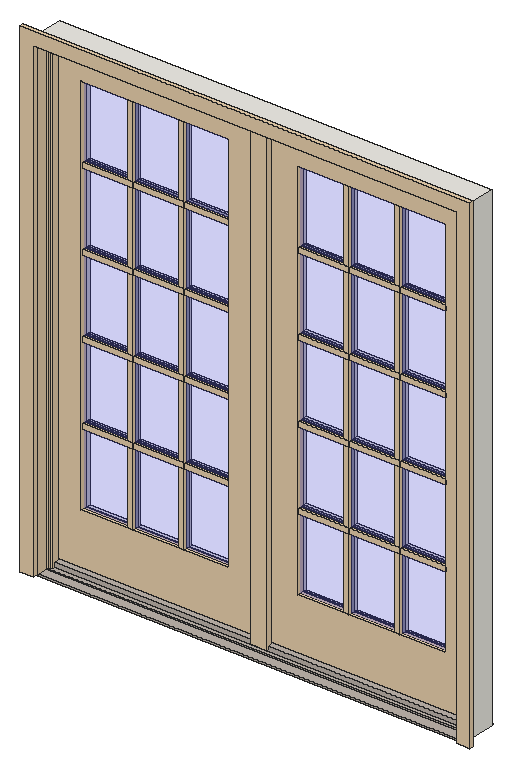
Revit family "Door-Outswing-Andersen-400_Series-Double 3", category Doors, host Wall, Revit 2013 (continued)
Dimensions and locks (in)
  locked: plane 66 "Back of Glazing" to plane 59 "Panel2 S1" at 0.47475
  locked: plane 60 "Panel2 S2" to plane 67 "Front of Glazing" at 0.5
  locked: plane 47 "T Glazing" to curve 94 at 0.63533
  locked: curve 95 to plane 66 "Back of Glazing" at 0.15625
  locked: plane 67 "Front of Glazing" to curve 93 at 0.15625
  locked: plane 48 "L Glazing" to curve 119 at 0.63672
  locked: curve 120 to plane 65 "Right of Glazing" at 0.63672
  plane 67 "Front of Glazing" to curve 93 = 0' - 0 5/32"
  curve 122 to plane 67 "Front of Glazing" = 0' - 0 5/32"
  locked: curve 121 to plane 66 "Back of Glazing" at 0.15625
  locked: plane 61 "L Panel Width" to plane 62 "R Panel Jamb" at 1.07397
  locked: curve 139 to plane 66 "Back of Glazing" at 0.15625
  locked: plane 67 "Front of Glazing" to curve 140 at 0.15625
  locked: curve 141 to plane 70 "Left Glazing of Left Panel" at 0.63672
  locked: plane 69 "Right Glazing of Left Panel" to curve 142 at 0.63672
  locked: plane 69 "Right Glazing of Left Panel" to plane 71 "Right of Left Glass Offset" at 1.99927
  locked: plane 72 "Left of Left Glass Offset" to plane 70 "Left Glazing of Left Panel" at 1.99927
  locked: plane 73 "Left of Right Glass Offset" to plane 65 "Right of Glazing" at 2
  locked: plane 48 "L Glazing" to plane 74 "Right of Right Glass Offset" at 2
  plane 47 "T Glazing" to plane 44 "T Panel" = 0' - 4 5/8"
  locked: plane 48 "L Glazing" to plane 43 "L Panel" at 4.46875
  locked: plane 69 "Right Glazing of Left Panel" to plane 68 "Right of Left Panel" at 4.46875
  locked: plane 75 "Left of Left Panel" to plane 70 "Left Glazing of Left Panel" at 4.46875
  "TS HGB DLO": nested 3 to plane 47 "T Glazing"
  equal spacing: group 16, group 30, group 31, group 17  (x2)
  equal spacing: group 17, group 31, group 30, group 16
  "TS HGB DLO": plane 64 "Vertical Bar Length" to nested 4
  group 19 to group 18 = 0' - 8.51042"
  group 18 to group 19 = 0' - 0"
  group 19 to group 18 = 0' - 0"
  "TS HGB DLO": nested 8 to plane 47 "T Glazing"
  equal spacing: group 20, group 32, group 33, group 21  (x2)
  equal spacing: group 21, group 33, group 32, group 20
  "TS HGB DLO": plane 64 "Vertical Bar Length" to nested 9
  equal spacing: plane 75 "Left of Left Panel", plane 77 "Center of Left Panel", plane 68 "Right of Left Panel"
  group 23 to group 22 = 0' - 8.51042"
  group 22 to group 23 = 0' - 0"
  group 23 to group 22 = 0' - 0"
  "JGO": plane 3 "R Frame" to plane 70 "Left Glazing of Left Panel"
  locked: plane 56 "L Stop" to plane 4 "L Frame" at 1.71667
  equal spacing: plane 61 "L Panel Width", plane 76 "Center of Right Panel", plane 43 "L Panel"
  "TS SH DLO": nested 7 to plane 5 "T Frame"
  "TS SH DLO": nested 2 to plane 5 "T Frame"
  equal spacing: plane 64 "Vertical Bar Length", nested 13, plane 47 "T Glazing"
  equal spacing: plane 64 "Vertical Bar Length", nested 14, plane 47 "T Glazing"
  "Panel Width": curve 210 to plane 59 "Panel2 S1"
  locked: Sweep 7 sketch curve to plane 52 "Stop Exterior" at 1.21143
  locked: plane 56 "L Stop" to Sweep 7 sketch curve at 0.30067
  locked: Sweep 7 sketch curve to plane 53 "Stop Interior" at 0.51427
  locked: plane 56 "L Stop" to Sweep 7 sketch curve at 0.70067
  locked: Sweep 7 sketch curve to plane 4 "L Frame" at 0.56135
  locked: plane 60 "Panel2 S2" to Sweep 17 sketch curve at 0.96826
  Sweep 17 sketch curve to plane 2 "Center (Left/Right)" to Sweep 17 sketch curve = 0' - 1.31882" locked, 0' - 1.31882" locked
  equal spacing: Sweep 17 sketch curve, plane 2 "Center (Left/Right)", Sweep 17 sketch curve
  Sweep 17 sketch curve to plane 2 "Center (Left/Right)" = 0' - 0 173/256"
  locked: plane 2 "Center (Left/Right)" to Sweep 17 sketch curve at 0.66406
  Sweep 17 to plane 60 "Panel2 S2" = 0' - 0.96826"
  locked: plane 60 "Panel2 S2" to Sweep 18 sketch curve at 0.96826
  "Panel Width": plane 75 "Left of Left Panel" to plane 68 "Right of Left Panel"
  "Panel Width": plane 61 "L Panel Width" to plane 43 "L Panel"
  "Panel Width": curve 211 to plane 59 "Panel2 S1"
  locked: plane 46 "B Glazing" to curve 92 at 0.63533
  locked: curve 278 to plane 43 "L Panel" at 0.02036
  locked: plane 75 "Left of Left Panel" to curve 277 at 0.02036
  locked: Sweep 21 sketch curve to level at 0.65625
  locked: Sweep 21 sketch curve to plane 5 "T Frame" at 0.71875
  locked: plane 3 "R Frame" to Sweep 21 sketch curve at 0.84375
  locked: plane 3 "R Frame" to Sweep 14 sketch curve at 0.84375
  locked: level to Sweep 22 sketch curve at 0.65625
  locked: Sweep 22 sketch curve to plane 5 "T Frame" at 0.71875
  locked: Sweep 16 sketch curve to plane 4 "L Frame" at 0.84375
  locked: Sweep 22 sketch curve to plane 4 "L Frame" at 0.84375
  locked: Sweep 7 sketch curve to plane 4 "L Frame" at 1.28125
  locked: plane 57 "T Stop" to plane 5 "T Frame" at 1.71875
  equal spacing: plane 21 "R Masonry Opening", plane 2 "Center (Left/Right)", plane 22 "L Masonry Opening"
  "Masonry Width": plane 21 "R Masonry Opening" to plane 22 "L Masonry Opening"
  "Masonry Height": level to plane 33 "T Masonry Opening"
  "VGB DLO": nested 12 to plane 70 "Left Glazing of Left Panel"
  "VGB DLO": nested 11 to plane 69 "Right Glazing of Left Panel"
  "VGB DLO": nested 6 to plane 65 "Right of Glazing"
  "VGB DLO": nested 5 to plane 48 "L Glazing"
  "Panel Width": radius of curve 277
  "Panel Width": radius of curve 278
  aligned and locked: plane 6 "Wall S1" to host wall
  aligned and locked: plane 7 "Wall S2" to host wall
  aligned and locked: plane 5 "T Frame" to Extrusion 1 sketch curve
  aligned and locked: plane 4 "L Frame" to Extrusion 1 sketch curve
  aligned and locked: Extrusion 1 sketch curve to plane 3 "R Frame"
  aligned and locked: level to Extrusion 1 sketch curve
  aligned and locked: host wall to Extrusion 1
  aligned and locked: plane 10 "Flange" to Extrusion 1
  aligned and locked: level to Extrusion 2 sketch curve
  aligned and locked: level to Sweep 3 sketch curve  (x2)
  aligned and locked: plane 23 "L Casing 4" to Sweep 3 sketch curve  (x2)
  aligned and locked: plane 32 "T Casing 4" to Sweep 3 sketch curve
  aligned and locked: Sweep 3 sketch curve to plane 20 "R Casing 4"
  aligned and locked: plane 24 "L Casing 3" to Sweep 3 sketch curve
  aligned and locked: plane 12 "Casing S2" to Sweep 3 sketch curve
  aligned and locked: plane 25 "L Casing 2" to Sweep 3 sketch curve
  aligned and locked: Sweep 3 sketch curve to plane 13 "Casing S1"
  aligned and locked: plane 10 "Flange" to Sweep 3 sketch curve
  aligned and locked: Sweep 3 sketch curve to plane 26 "L Casing 1"
  aligned and locked: Sweep 3 sketch curve to plane 12 "Casing S2"
  aligned and locked: level to Extrusion 4 sketch curve  (x2)
  aligned and locked: plane 23 "L Casing 4" to Extrusion 4 sketch curve
  aligned and locked: Extrusion 4 sketch curve to plane 26 "L Casing 1"
  aligned and locked: plane 32 "T Casing 4" to Extrusion 4 sketch curve
  aligned and locked: Extrusion 4 sketch curve to plane 29 "T Casing 1"
  aligned and locked: Extrusion 4 sketch curve to plane 20 "R Casing 4"
  aligned and locked: plane 17 "R Casing 1" to Extrusion 4 sketch curve
  aligned and locked: Extrusion 4 to plane 10 "Flange"
  aligned and locked: plane 12 "Casing S2" to Sweep 3
  aligned and locked: plane 29 "T Casing 1" to curve 3
  aligned and locked: Masking region 1 sketch curve to plane 3 "R Frame"
  aligned and locked: plane 4 "L Frame" to Masking region 1 sketch curve
  aligned and locked: plane 5 "T Frame" to Masking region 2 sketch curve
  aligned and locked: plane 9 "Frame S2" to Masking region 2 sketch curve
  aligned and locked: Masking region 2 sketch curve to plane 11 "Frame S1"
  aligned and locked: level to Masking region 2 sketch curve
  aligned and locked: Masking region 3 sketch curve to plane 13 "Casing S1"
  aligned and locked: Masking region 3 sketch curve to plane 20 "R Casing 4"
  aligned and locked: plane 10 "Flange" to Masking region 3 sketch curve
  aligned and locked: plane 3 "R Frame" to Masking region 3 sketch curve
  aligned and locked: Masking region 4 sketch curve to plane 13 "Casing S1"
  aligned and locked: Masking region 4 sketch curve to plane 4 "L Frame"
  aligned and locked: plane 10 "Flange" to Masking region 4 sketch curve
  aligned and locked: plane 23 "L Casing 4" to Masking region 4 sketch curve
  aligned and locked: level to Extrusion 5 sketch curve  (x2)
  aligned and locked: Extrusion 5 sketch curve to plane 34 "R Int Casing"
  aligned and locked: plane 36 "R Xjamb 1" to Extrusion 5 sketch curve
  aligned and locked: plane 40 "T Int Casing" to Extrusion 5 sketch curve
  aligned and locked: Extrusion 5 sketch curve to plane 42 "T Xjamb 1"
  aligned and locked: plane 37 "L Int Casing" to Extrusion 5 sketch curve
  aligned and locked: Extrusion 5 sketch curve to plane 39 "L Xjamb 1"
  aligned and locked: Extrusion 5 to host wall
  aligned and locked: Extrusion 5 to plane 8 "Interior Casing"
  aligned and locked: level to Extrusion 6 sketch curve  (x2)
  aligned and locked: plane 36 "R Xjamb 1" to Extrusion 6 sketch curve
  aligned and locked: Extrusion 6 sketch curve to plane 35 "R Xjamb 2"
  aligned and locked: Extrusion 6 sketch curve to plane 42 "T Xjamb 1"
  aligned and locked: plane 41 "T Xjamb 2" to Extrusion 6 sketch curve
  aligned and locked: Extrusion 6 sketch curve to plane 39 "L Xjamb 1"
  aligned and locked: plane 38 "L Xjamb 2" to Extrusion 6 sketch curve
  aligned and locked: plane 50 "Xjamb S1" to Extrusion 6
  aligned and locked: host wall to Extrusion 6
  aligned and locked: level to Sweep 7 sketch curve
  aligned and locked: plane 4 "L Frame" to Sweep 7 sketch curve
  aligned and locked: plane 5 "T Frame" to Sweep 7 sketch curve
  aligned and locked: plane 5 "T Frame" to Sweep 8 sketch curve
  aligned and locked: plane 4 "L Frame" to Sweep 8 sketch curve  (x2)
  aligned and locked: Sweep 8 sketch curve to plane 3 "R Frame"
  aligned and locked: plane 9 "Frame S2" to Sweep 8 sketch curve
  aligned and locked: plane 4 "L Frame" to Sweep 9 sketch curve
  aligned and locked: plane 3 "R Frame" to Sweep 9 sketch curve
  aligned and locked: Sweep 9 sketch curve to level
  aligned and locked: plane 45 "B Panel" to Sweep 10 sketch curve  (x2)
  aligned and locked: plane 54 "Sill Interior" to Sweep 10 sketch curve
  aligned and locked: Sweep 10 sketch curve to plane 55 "Sill Exterior"
  aligned and locked: level to Sweep 10 sketch curve
  aligned and locked: Masking region 1 sketch curve to plane 55 "Sill Exterior"
  aligned and locked: plane 54 "Sill Interior" to Masking region 1 sketch curve
  aligned and locked: plane 9 "Frame S2" to curve 9
  aligned and locked: Masking region 5 sketch curve to plane 20 "R Casing 4"
  aligned and locked: plane 23 "L Casing 4" to Masking region 5 sketch curve
  aligned and locked: level to Masking region 5 sketch curve  (x2)
  aligned and locked: level to Masking region 6 sketch curve  (x2)
  aligned and locked: plane 37 "L Int Casing" to Masking region 6 sketch curve
  aligned and locked: Masking region 6 sketch curve to plane 34 "R Int Casing"
  aligned and locked: plane 40 "T Int Casing" to Masking region 6 sketch curve
  aligned and locked: plane 32 "T Casing 4" to Masking region 5 sketch curve
  aligned and locked: level to Masking region 7 sketch curve
  aligned and locked: Masking region 7 sketch curve to plane 3 "R Frame"
  aligned and locked: plane 5 "T Frame" to Masking region 7 sketch curve
  aligned and locked: plane 4 "L Frame" to Masking region 7 sketch curve
  aligned and locked: plane 4 "L Frame" to curve 13
  aligned and locked: Sweep 3 to plane 10 "Flange"
  aligned and locked: plane 5 "T Frame" to curve 15
  aligned and locked: Masking region 7 to curve 12
  aligned and locked: Masking region 6 sketch curve to plane 39 "L Xjamb 1"
  aligned and locked: plane 36 "R Xjamb 1" to Masking region 6 sketch curve
  aligned and locked: Masking region 6 sketch curve to plane 42 "T Xjamb 1"
  aligned and locked: plane 4 "L Frame" to Masking region 8 sketch curve
  aligned and locked: plane 5 "T Frame" to Masking region 8 sketch curve
  aligned and locked: Masking region 8 sketch curve to plane 3 "R Frame"
  aligned and locked: level to Masking region 8 sketch curve
  aligned and locked: Masking region 8 sketch curve to plane 45 "B Panel"
  aligned and locked: Sweep 8 sketch curve to plane 55 "Sill Exterior"
  aligned and locked: Sweep 8 sketch curve to plane 43 "L Panel"
  aligned and locked: plane 61 "L Panel Width" to Masking region 9 sketch curve
  aligned and locked: curve 28 to plane 46 "B Glazing"
  aligned and locked: plane 47 "T Glazing" to curve 26
  aligned and locked: plane 55 "Sill Exterior" to curve 4
  aligned and locked: curve 31 to plane 59 "Panel2 S1"
  aligned and locked: Masking region 9 sketch curve to plane 45 "B Panel"
  aligned and locked: plane 43 "L Panel" to Masking region 9 sketch curve
  aligned and locked: plane 44 "T Panel" to Masking region 9 sketch curve
  aligned and locked: plane 60 "Panel2 S2" to curve 35
  aligned and locked: curve 34 to plane 45 "B Panel"
  aligned and locked: curve 33 to plane 59 "Panel2 S1"
  aligned and locked: plane 44 "T Panel" to curve 32
  aligned and locked: Masking region 10 sketch curve to plane 34 "R Int Casing"
  aligned and locked: host wall to Masking region 10 sketch curve
  aligned and locked: plane 36 "R Xjamb 1" to Masking region 10 sketch curve
  aligned and locked: plane 8 "Interior Casing" to Masking region 10 sketch curve
  aligned and locked: Masking region 11 sketch curve to plane 50 "Xjamb S1"
  aligned and locked: Masking region 11 sketch curve to host wall
  aligned and locked: Masking region 11 sketch curve to plane 35 "R Xjamb 2"
  aligned and locked: plane 36 "R Xjamb 1" to Masking region 11 sketch curve
  aligned and locked: host wall to Masking region 12 sketch curve
  aligned and locked: plane 37 "L Int Casing" to Masking region 12 sketch curve
  aligned and locked: plane 8 "Interior Casing" to Masking region 12 sketch curve
  aligned and locked: Masking region 12 sketch curve to plane 39 "L Xjamb 1"
  aligned and locked: Masking region 13 sketch curve to plane 39 "L Xjamb 1"
  aligned and locked: Masking region 13 sketch curve to host wall
  aligned and locked: plane 38 "L Xjamb 2" to Masking region 13 sketch curve
  aligned and locked: Masking region 13 sketch curve to plane 50 "Xjamb S1"
  aligned and locked: plane 7 "Wall S2" to Masking region 14 sketch curve
  aligned and locked: level to Masking region 14 sketch curve
  aligned and locked: plane 8 "Interior Casing" to Masking region 14 sketch curve
  aligned and locked: plane 40 "T Int Casing" to Masking region 14 sketch curve
  aligned and locked: plane 8 "Interior Casing" to curve 36
  aligned and locked: Masking region 15 sketch curve to plane 50 "Xjamb S1"
  aligned and locked: level to Masking region 15 sketch curve
  aligned and locked: Masking region 15 sketch curve to host wall
  aligned and locked: plane 41 "T Xjamb 2" to Masking region 15 sketch curve
  aligned and locked: plane 50 "Xjamb S1" to curve 37
  aligned and locked: host wall to curve 37
  aligned and locked: plane 43 "L Panel" to curve 4
  aligned and locked: plane 56 "L Stop" to Sweep 7
  aligned and locked: plane 60 "Panel2 S2" to Sweep 7
  aligned and locked: Sweep 7 to plane 4 "L Frame"
  aligned and locked: Sweep 7 to plane 9 "Frame S2"
  aligned and locked: curve 38 to plane 43 "L Panel"
  aligned and locked: Sweep 9 sketch curve to plane 54 "Sill Interior"
  aligned and locked: plane 55 "Sill Exterior" to Sweep 9 sketch curve
  aligned and locked: Sweep 9 sketch curve to plane 58 "Sill Height"
  aligned and locked: Sweep 7 to plane 5 "T Frame"
  aligned and locked: curve 13 to plane 10 "Flange"
  aligned and locked: plane 10 "Flange" to curve 14
  aligned and locked: Sweep 12 sketch curve to plane 67 "Front of Glazing"  (x2)
  aligned and locked: Sweep 12 sketch curve to plane 47 "T Glazing"
  aligned and locked: plane 66 "Back of Glazing" to Sweep 12 sketch curve
  aligned and locked: plane 47 "T Glazing" to curve 85
  aligned and locked: curve 83 to plane 60 "Panel2 S2"
  aligned and locked: Sweep 12 to plane 67 "Front of Glazing"
  aligned and locked: plane 66 "Back of Glazing" to Sweep 12
  aligned and locked: curve 94 to curve 93
  aligned and locked: curve 118 to plane 67 "Front of Glazing"
  aligned and locked: curve 123 to plane 60 "Panel2 S2"
  aligned and locked: plane 43 "L Panel" to curve 124
  aligned and locked: plane 59 "Panel2 S1" to curve 31
  aligned and locked: plane 43 "L Panel" to curve 125
  aligned and locked: Sweep 13 sketch curve to plane 60 "Panel2 S2"
  aligned and locked: plane 66 "Back of Glazing" to Sweep 13 sketch curve
  aligned and locked: Sweep 14 sketch curve to plane 66 "Back of Glazing"
  aligned and locked: plane 59 "Panel2 S1" to Sweep 14 sketch curve
  aligned and locked: curve 128 to plane 60 "Panel2 S2"
  aligned and locked: plane 70 "Left Glazing of Left Panel" to curve 135
  aligned and locked: plane 60 "Panel2 S2" to curve 136
  aligned and locked: Extrusion 15 sketch curve to plane 47 "T Glazing"
  aligned and locked: plane 46 "B Glazing" to Extrusion 15 sketch curve
  aligned and locked: Extrusion 15 sketch curve to plane 67 "Front of Glazing"
  aligned and locked: plane 66 "Back of Glazing" to Extrusion 15 sketch curve
  aligned and locked: nested 1 to plane 47 "T Glazing"
  aligned and locked: plane 76 "Center of Right Panel" to nested 1
  aligned and locked: nested 5 to plane 47 "T Glazing"
  aligned and locked: nested 6 to plane 47 "T Glazing"
  aligned and locked: nested 10 to plane 47 "T Glazing"
  aligned and locked: nested 10 to plane 77 "Center of Left Panel"
  aligned and locked: nested 11 to plane 47 "T Glazing"
  aligned and locked: Sweep 7 sketch curve to plane 3 "R Frame"
  aligned and locked: plane 48 "L Glazing" to curve 101
  aligned and locked: curve 102 to plane 60 "Panel2 S2"
  aligned and locked: Masking region 16 sketch curve to plane 32 "T Casing 4"
  aligned and locked: Masking region 16 sketch curve to plane 10 "Flange"
  aligned and locked: plane 5 "T Frame" to Masking region 16 sketch curve
  aligned and locked: Masking region 16 sketch curve to plane 51 "Frame S2 Ext"
  aligned and locked: plane 59 "Panel2 S1" to Sweep 16 sketch curve  (x2)
  aligned and locked: Sweep 16 sketch curve to plane 66 "Back of Glazing"  (x2)
  aligned and locked: plane 69 "Right Glazing of Left Panel" to curve 170
  aligned and locked: curve 171 to plane 60 "Panel2 S2"
  aligned and locked: plane 52 "Stop Exterior" to curve 176
  aligned and locked: curve 200 to plane 52 "Stop Exterior"
  aligned and locked: curve 207 to plane 3 "R Frame"
  aligned and locked: curve 183 to plane 4 "L Frame"
  aligned and locked: curve 30 to plane 75 "Left of Left Panel"
  aligned and locked: plane 61 "L Panel Width" to curve 125
  aligned and locked: plane 44 "T Panel" to curve 125
  aligned and locked: plane 61 "L Panel Width" to curve 126
  aligned and locked: plane 45 "B Panel" to curve 126
  aligned and locked: plane 68 "Right of Left Panel" to curve 209
  aligned and locked: plane 68 "Right of Left Panel" to curve 208
  aligned and locked: plane 44 "T Panel" to curve 208
  aligned and locked: nested 12 to plane 47 "T Glazing"
  aligned and locked: plane 46 "B Glazing" to Sweep 12 sketch curve
  aligned and locked: curve 237 to Sweep 7
  aligned and locked: curve 236 to Sweep 7
  aligned and locked: plane 53 "Stop Interior" to Sweep 7 sketch curve
  aligned and locked: Sweep 7 sketch curve to plane 52 "Stop Exterior"
  aligned and locked: plane 51 "Frame S2 Ext" to Sweep 7 sketch curve
  aligned and locked: curve 238 to Sweep 7
  aligned and locked: curve 239 to plane 66 "Back of Glazing"
  aligned and locked: curve 240 to Sweep 7
  aligned and locked: plane 59 "Panel2 S1" to curve 241
  aligned and locked: curve 245 to Sweep 7
  aligned and locked: curve 243 to Sweep 7
  aligned and locked: curve 242 to plane 60 "Panel2 S2"
  aligned and locked: curve 247 to plane 60 "Panel2 S2"
  aligned and locked: curve 250 to Sweep 7
  aligned and locked: curve 252 to plane 66 "Back of Glazing"
  aligned and locked: curve 48 to plane 54 "Sill Interior"
  aligned and locked: curve 223 to plane 54 "Sill Interior"
  aligned and locked: curve 256 to plane 47 "T Glazing"
  aligned and locked: Masking region 8 sketch curve to plane 61 "L Panel Width"
  aligned and locked: plane 45 "B Panel" to Masking region 8 sketch curve
  aligned and locked: plane 63 "Panel Elevation Center" to curve 263
  aligned and locked: plane 75 "Left of Left Panel" to curve 263
  aligned and locked: plane 75 "Left of Left Panel" to curve 209
  aligned and locked: plane 68 "Right of Left Panel" to curve 263
  aligned and locked: plane 61 "L Panel Width" to Masking region 9
  aligned and locked: plane 44 "T Panel" to Masking region 9
  aligned and locked: plane 63 "Panel Elevation Center" to curve 126
  aligned and locked: plane 61 "L Panel Width" to Masking region 8
  aligned and locked: plane 45 "B Panel" to Masking region 8
  aligned and locked: plane 2 "Center (Left/Right)" to Sweep 17 sketch curve
  aligned and locked: Sweep 17 sketch curve to plane 59 "Panel2 S1"
  aligned and locked: plane 59 "Panel2 S1" to Sweep 17 sketch curve
  aligned and locked: plane 51 "Frame S2 Ext" to Sweep 17 sketch curve
  aligned and locked: Sweep 17 sketch curve to plane 60 "Panel2 S2"
  aligned and locked: plane 60 "Panel2 S2" to Sweep 17 sketch curve
  aligned and locked: plane 5 "T Frame" to Sweep 18 sketch curve
  aligned and locked: plane 2 "Center (Left/Right)" to Sweep 18 sketch curve
  aligned and locked: Sweep 18 sketch curve to plane 68 "Right of Left Panel"
  aligned and locked: Sweep 18 sketch curve to plane 61 "L Panel Width"
  aligned and locked: Sweep 18 sketch curve to plane 11 "Frame S1"
  aligned and locked: curve 145 to plane 59 "Panel2 S1"
  aligned and locked: curve 270 to plane 68 "Right of Left Panel"
  aligned and locked: plane 12 "Casing S2" to Masking region 17 sketch curve  (x2)
  aligned and locked: plane 13 "Casing S1" to Masking region 17 sketch curve
  aligned and locked: plane 19 "R Casing 3" to Masking region 17 sketch curve
  aligned and locked: plane 18 "R Casing 2" to Masking region 17 sketch curve
  aligned and locked: plane 17 "R Casing 1" to Masking region 17 sketch curve
  aligned and locked: Masking region 17 sketch curve to plane 17 "R Casing 1"
  aligned and locked: plane 3 "R Frame" to Masking region 17 sketch curve  (x2)
  aligned and locked: Masking region 17 sketch curve to plane 11 "Frame S1"
  aligned and locked: plane 11 "Frame S1" to Masking region 17 sketch curve  (x2)
  aligned and locked: Masking region 17 sketch curve to plane 10 "Flange"
  aligned and locked: plane 10 "Flange" to Masking region 17 sketch curve  (x2)
  aligned and locked: plane 20 "R Casing 4" to Masking region 17 sketch curve  (x2)
  aligned and locked: plane 68 "Right of Left Panel" to curve 241
  aligned and locked: plane 68 "Right of Left Panel" to curve 247
  aligned and locked: plane 68 "Right of Left Panel" to curve 128
  aligned and locked: plane 65 "Right of Glazing" to curve 115
  aligned and locked: curve 114 to plane 67 "Front of Glazing"
  aligned and locked: curve 137 to plane 66 "Back of Glazing"
  aligned and locked: plane 9 "Frame S2" to Sweep 7 sketch curve
  aligned and locked: curve 210 to curve 277
  aligned and locked: plane 68 "Right of Left Panel" to curve 277
  aligned and locked: curve 211 to curve 278
  aligned and locked: plane 51 "Frame S2 Ext" to curve 278
  aligned and locked: plane 61 "L Panel Width" to curve 278
  aligned and locked: plane 75 "Left of Left Panel" to Sweep 19 sketch curve
  aligned and locked: plane 68 "Right of Left Panel" to Sweep 19 sketch curve
  aligned and locked: plane 46 "B Glazing" to Sweep 19 sketch curve
  aligned and locked: Sweep 19 sketch curve to plane 44 "T Panel"
  aligned and locked: plane 66 "Back of Glazing" to Sweep 19 sketch curve  (x2)
  aligned and locked: Sweep 19 sketch curve to plane 60 "Panel2 S2"  (x2)
  aligned and locked: plane 47 "T Glazing" to Sweep 19 sketch curve
  aligned and locked: Sweep 19 sketch curve to plane 46 "B Glazing"
  aligned and locked: plane 45 "B Panel" to Sweep 19 sketch curve
  aligned and locked: plane 61 "L Panel Width" to Sweep 20 sketch curve
  aligned and locked: plane 43 "L Panel" to Sweep 20 sketch curve
  aligned and locked: Sweep 20 sketch curve to plane 46 "B Glazing"
  aligned and locked: Sweep 20 sketch curve to plane 47 "T Glazing"
  aligned and locked: plane 60 "Panel2 S2" to Sweep 20 sketch curve  (x2)
  aligned and locked: plane 44 "T Panel" to Sweep 20 sketch curve
  aligned and locked: Sweep 20 sketch curve to plane 66 "Back of Glazing"  (x2)
  aligned and locked: Sweep 20 sketch curve to plane 45 "B Panel"
  aligned and locked: plane 46 "B Glazing" to Sweep 20 sketch curve
  aligned and locked: plane 68 "Right of Left Panel" to Sweep 21 sketch curve
  aligned and locked: plane 46 "B Glazing" to Sweep 21 sketch curve
  aligned and locked: Sweep 21 sketch curve to plane 46 "B Glazing"
  aligned and locked: Sweep 21 sketch curve to plane 59 "Panel2 S1"
  aligned and locked: plane 61 "L Panel Width" to Sweep 22 sketch curve
  aligned and locked: Sweep 22 sketch curve to plane 46 "B Glazing"  (x2)
  aligned and locked: plane 59 "Panel2 S1" to Sweep 22 sketch curve
  aligned and locked: plane 46 "B Glazing" to curve 258
  aligned and locked: Masking region 18 sketch curve to plane 45 "B Panel"
  aligned and locked: plane 75 "Left of Left Panel" to Masking region 18 sketch curve
  aligned and locked: plane 68 "Right of Left Panel" to Masking region 18 sketch curve
  aligned and locked: plane 44 "T Panel" to Masking region 18 sketch curve
  aligned and locked: plane 61 "L Panel Width" to Masking region 7 sketch curve
  aligned and locked: plane 44 "T Panel" to Masking region 7 sketch curve
  aligned and locked: Masking region 7 sketch curve to plane 44 "T Panel"
  aligned and locked: Masking region 7 sketch curve to plane 68 "Right of Left Panel"
  aligned and locked: Masking region 7 sketch curve to plane 75 "Left of Left Panel"
  aligned and locked: plane 45 "B Panel" to Masking region 7 sketch curve
  aligned and locked: Masking region 7 sketch curve to plane 45 "B Panel"
  aligned and locked: plane 43 "L Panel" to Masking region 7 sketch curve
  aligned and locked: plane 45 "B Panel" to curve 12
  aligned and locked: plane 75 "Left of Left Panel" to curve 282
  aligned and locked: Masking region 8 sketch curve to plane 75 "Left of Left Panel"
  aligned and locked: plane 68 "Right of Left Panel" to Masking region 8
  aligned and locked: plane 43 "L Panel" to Masking region 8 sketch curve
  aligned and locked: plane 46 "B Glazing" to curve 81
  aligned and locked: curve 76 to plane 60 "Panel2 S2"
  aligned and locked: curve 210 to curve 210
  aligned and locked: plane 68 "Right of Left Panel" to curve 269
  aligned and locked: plane 11 "Frame S1" to curve 272
  aligned and locked: curve 211 to curve 211
  aligned and locked: plane 59 "Panel2 S1" to curve 277
  aligned and locked: nested 3 to plane 48 "L Glazing"
  aligned and locked: nested 14 to plane 48 "L Glazing"
  aligned and locked: nested 2 to plane 48 "L Glazing"
  aligned and locked: nested 4 to plane 48 "L Glazing"
  aligned and locked: nested 8 to plane 69 "Right Glazing of Left Panel"
  aligned and locked: nested 13 to plane 69 "Right Glazing of Left Panel"
  aligned and locked: nested 7 to plane 69 "Right Glazing of Left Panel"
  aligned and locked: nested 9 to plane 69 "Right Glazing of Left Panel"
  aligned and locked: plane 65 "Right of Glazing" to Sweep 12 sketch curve
  aligned and locked: plane 48 "L Glazing" to Sweep 12 sketch curve
  aligned and locked: Sweep 21 sketch curve to plane 66 "Back of Glazing"  (x2)
  aligned and locked: plane 47 "T Glazing" to Sweep 21 sketch curve
  aligned and locked: plane 59 "Panel2 S1" to Sweep 21 sketch curve
  aligned and locked: curve 259 to plane 69 "Right Glazing of Left Panel"
  aligned and locked: curve 257 to plane 70 "Left Glazing of Left Panel"
  aligned and locked: curve 29 to plane 48 "L Glazing"
  aligned and locked: curve 27 to plane 65 "Right of Glazing"
  aligned and locked: Extrusion 15 to plane 69 "Right Glazing of Left Panel"
  aligned and locked: Extrusion 15 to plane 70 "Left Glazing of Left Panel"
  aligned and locked: Sweep 13 sketch curve to plane 77 "Center of Left Panel"
  aligned and locked: Sweep 13 sketch curve to plane 68 "Right of Left Panel"
  aligned and locked: plane 69 "Right Glazing of Left Panel" to Sweep 13 sketch curve
  aligned and locked: plane 60 "Panel2 S2" to Sweep 13 sketch curve
  aligned and locked: Sweep 13 sketch curve to plane 70 "Left Glazing of Left Panel"
  aligned and locked: Sweep 13 sketch curve to plane 66 "Back of Glazing"
  aligned and locked: plane 75 "Left of Left Panel" to Sweep 13 sketch curve
  aligned and locked: Sweep 14 sketch curve to plane 77 "Center of Left Panel"
  aligned and locked: Sweep 14 sketch curve to plane 68 "Right of Left Panel"
  aligned and locked: plane 69 "Right Glazing of Left Panel" to Sweep 14 sketch curve
  aligned and locked: Sweep 14 sketch curve to plane 59 "Panel2 S1"
  aligned and locked: plane 66 "Back of Glazing" to Sweep 14 sketch curve
  aligned and locked: Sweep 14 sketch curve to plane 70 "Left Glazing of Left Panel"
  aligned and locked: Sweep 22 sketch curve to plane 66 "Back of Glazing"
  aligned and locked: Sweep 22 sketch curve to plane 47 "T Glazing"
  aligned and locked: Sweep 22 sketch curve to plane 59 "Panel2 S1"
  aligned and locked: plane 66 "Back of Glazing" to Sweep 22 sketch curve
  aligned and locked: plane 76 "Center of Right Panel" to Sweep 16 sketch curve
  aligned and locked: plane 61 "L Panel Width" to Sweep 16 sketch curve
  aligned and locked: Sweep 16 sketch curve to plane 65 "Right of Glazing"
  aligned and locked: plane 48 "L Glazing" to Sweep 16 sketch curve
  aligned and locked: Sweep 11 sketch curve to plane 76 "Center of Right Panel"
  aligned and locked: Sweep 11 sketch curve to plane 61 "L Panel Width"
  aligned and locked: plane 65 "Right of Glazing" to Sweep 11 sketch curve
  aligned and locked: Sweep 11 sketch curve to plane 48 "L Glazing"
  aligned and locked: Sweep 11 sketch curve to plane 66 "Back of Glazing"
  aligned and locked: plane 60 "Panel2 S2" to Sweep 11 sketch curve
  aligned and locked: plane 43 "L Panel" to Sweep 11 sketch curve
  aligned and locked: plane 5 "T Frame" to curve 222
  aligned and locked: curve 253 to cut or joined group of Sweep 14, Sweep 21
  aligned and locked: curve 248 to cut or joined group of Sweep 14, Sweep 21
  aligned and locked: plane 75 "Left of Left Panel" to Sweep 10 sketch curve
  aligned and locked: plane 43 "L Panel" to Sweep 10 sketch curve
  aligned and locked: Split face 2 sketch curve to plane 66 "Back of Glazing"
  aligned and locked: Split face 3 sketch curve to plane 66 "Back of Glazing"
  aligned and locked: Split face 4 sketch curve to plane 66 "Back of Glazing"
  aligned and locked: plane 66 "Back of Glazing" to Split face 5 sketch curve
  aligned and locked: Split face 6 sketch curve to plane 66 "Back of Glazing"
  aligned and locked: Sweep 23 sketch curve to plane 4 "L Frame"  (x2)
  aligned and locked: level to Sweep 23 sketch curve
  aligned and locked: plane 46 "B Glazing" to Sweep 23 sketch curve
  aligned and locked: Sweep 23 sketch curve to plane 3 "R Frame"
  aligned and locked: Sweep 23 sketch curve to plane 9 "Frame S2"
  aligned and locked: Sweep 23 sketch curve to plane 51 "Frame S2 Ext"
  aligned and locked: plane 9 "Frame S2" to Sweep 23 sketch curve
  aligned and locked: plane 51 "Frame S2 Ext" to Sweep 23 sketch curve
  aligned and locked: plane 45 "B Panel" to Sweep 18 sketch curve
  aligned and locked: Masking region 17 sketch curve to plane 13 "Casing S1"
  aligned and locked: plane 23 "L Casing 4" to Masking region 17 sketch curve
  aligned and locked: Masking region 17 sketch curve to plane 12 "Casing S2"
  aligned and locked: Masking region 17 sketch curve to plane 26 "L Casing 1"
  aligned and locked: Masking region 17 sketch curve to plane 4 "L Frame"
  aligned and locked: plane 25 "L Casing 2" to Masking region 17 sketch curve
  aligned and locked: plane 24 "L Casing 3" to Masking region 17 sketch curve
  aligned and locked: plane 31 "T Casing 3" to curve 1
  aligned and locked: plane 13 "Casing S1" to curve 1
  aligned and locked: Masking region 16 sketch curve to plane 13 "Casing S1"
  aligned and locked: plane 9 "Frame S2" to curve 6
  aligned and locked: plane 51 "Frame S2 Ext" to curve 6
  aligned and locked: plane 45 "B Panel" to curve 6
  aligned and locked: plane 45 "B Panel" to curve 33
  aligned and locked: plane 30 "T Casing 2" to curve 1
  aligned and locked: plane 12 "Casing S2" to curve 1
  aligned and locked: plane 13 "Casing S1" to curve 291
  aligned and locked: plane 51 "Frame S2 Ext" to curve 291
  aligned and locked: curve 291 to plane 5 "T Frame"
  aligned and locked: curve 8 to plane 44 "T Panel"
  aligned and locked: plane 42 "T Xjamb 1" to curve 36
  aligned and locked: plane 42 "T Xjamb 1" to curve 37
  aligned and locked: plane 4 "L Frame" to Masking region 5 sketch curve
  aligned and locked: plane 5 "T Frame" to Masking region 5 sketch curve
  aligned and locked: Masking region 5 sketch curve to plane 3 "R Frame"
  aligned and locked: plane 68 "Right of Left Panel" to curve 281
  aligned and locked: plane 61 "L Panel Width" to curve 292
  aligned and locked: plane 68 "Right of Left Panel" to curve 292
  aligned and locked: Masking region 8 sketch curve to plane 44 "T Panel"  (x2)
  aligned and locked: plane 44 "T Panel" to curve 292
  aligned and locked: plane 9 "Frame S2" to curve 30
  aligned and locked: plane 9 "Frame S2" to curve 124
  aligned and locked: Sweep 23 sketch curve to curve 197
  aligned and locked: curve 240 to Sweep 23 sketch curve
  aligned and locked: Sweep 23 sketch curve to curve 201
  aligned and locked: Sweep 23 sketch curve to curve 202
  aligned and locked: Sweep 17 sketch curve to cut or joined group of Sweep 14, Sweep 21
  aligned and locked: cut or joined group of Sweep 14, Sweep 21 to Sweep 17 sketch curve
Automatic sketch dimensions
  curve 4 to curve 4 = 0' - 2 25/32"
  curve 62 to curve 59 = 0' - 2.1055"
  curve 59 to curve 59 = 0' - 0.35799"
  curve 59 to curve 58 = 0' - 0.98573"
  curve 58 to curve 65 = 0' - 1 29/256"
  curve 67 to curve 59 = 0' - 0.15628"
  curve 60 to curve 59 = 0' - 0.30067"
  curve 58 to curve 66 = 0' - 0 57/128"
  curve 61 to curve 63 = 0' - 0.4"
  curve 62 to curve 63 = 0' - 1.016"
  curve 40 to curve 43 = 0' - 0.76352"
  curve 42 to curve 43 = 0' - 1.85543"
  curve 45 to curve 47 = 0' - 1.69057"
  curve 47 to curve 39 = 0' - 1.69048"
  curve 46 to curve 46 = 0' - 0.17079"
  curve 47 to curve 40 = 0' - 0.32"
  curve 45 to curve 45 = 0' - 0.2676"
  curve 39 to curve 40 = 0' - 0.18"
  curve 41 to curve 42 = 0' - 0 3/4"
  curve 50 to curve 53 = 0' - 0.76352"
  curve 52 to curve 53 = 0' - 1.85543"
  curve 55 to curve 57 = 0' - 1.69057"
  curve 57 to curve 49 = 0' - 1.69048"
  curve 56 to curve 56 = 0' - 0.17079"
  curve 57 to curve 50 = 0' - 0.32"
  curve 55 to curve 55 = 0' - 0.2676"
  curve 49 to curve 50 = 0' - 0.18"
  curve 51 to curve 52 = 0' - 0 3/4"
  curve 176 to curve 174 = 0' - 0.43542"
  curve 177 to curve 180 = 0' - 0.30067"
  curve 179 to curve 180 = 0' - 0.4"
  curve 174 to curve 173 = 0' - 0.7199"
  curve 172 to curve 172 = 0' - 0.56135"
  curve 182 to curve 180 = 0' - 1 23/32"
  curve 179 to curve 178 = 0' - 0.15628"
  curve 179 to curve 177 = 0' - 0.35799"
  curve 177 to curve 176 = 0' - 0.98573"
  curve 176 to curve 174 = 0' - 1.244"
  curve 174 to curve 172 = 0' - 1.41225"
  curve 188 to curve 186 = 0' - 0.43542"
  curve 189 to curve 192 = 0' - 0.30067"
  curve 191 to curve 192 = 0' - 0.4"
  curve 186 to curve 185 = 0' - 0.7199"
  curve 184 to curve 184 = 0' - 0.56135"
  curve 194 to curve 192 = 0' - 1 23/32"
  curve 191 to curve 190 = 0' - 0.15628"
  curve 191 to curve 189 = 0' - 0.35799"
  curve 189 to curve 188 = 0' - 0.98573"
  curve 188 to curve 186 = 0' - 1.244"
  curve 186 to curve 184 = 0' - 1.41225"
  curve 200 to curve 198 = 0' - 0.43542"
  curve 201 to curve 204 = 0' - 0.30067"
  curve 203 to curve 204 = 0' - 0.4"
  curve 198 to curve 197 = 0' - 0.7199"
  curve 196 to curve 196 = 0' - 0.56135"
  curve 204 to curve 206 = 0' - 1 23/32"
  curve 202 to curve 203 = 0' - 0.15628"
  curve 201 to curve 203 = 0' - 0.35799"
  curve 200 to curve 201 = 0' - 0.98573"
  curve 198 to curve 200 = 0' - 1.244"
  curve 196 to curve 198 = 0' - 1.41225"
  curve 88 to curve 88 = 0' - 0.47475"
  curve 87 to curve 84 = 0' - 0.744"
  curve 84 to curve 84 = 0' - 0 1/2"
  curve 83 to curve 85 = 0' - 0 1/8"
  curve 86 to curve 88 = 0' - 0.61991"
  curve 83 to curve 83 = 0' - 0.802"
  curve 83 to curve 85 = 0' - 0.08333"
  curve 88 to curve 87 = 0' - 0.16214"
  curve 89 to curve 86 = 0' - 0 1/8"
  curve 74 to curve 74 = 0' - 0.47475"
  curve 73 to curve 70 = 0' - 0.744"
  curve 70 to curve 70 = 0' - 0 1/2"
  curve 69 to curve 71 = 0' - 0 1/8"
  curve 72 to curve 74 = 0' - 0.61991"
  curve 69 to curve 69 = 0' - 0.802"
  curve 69 to curve 71 = 0' - 0.08333"
  curve 74 to curve 73 = 0' - 0.16214"
  curve 75 to curve 72 = 0' - 0 1/8"
  curve 81 to curve 81 = 0' - 0.47475"
  curve 80 to curve 77 = 0' - 0.744"
  curve 77 to curve 77 = 0' - 0 1/2"
  curve 78 to curve 76 = 0' - 0 1/8"
  curve 81 to curve 79 = 0' - 0.61991"
  curve 76 to curve 76 = 0' - 0.802"
  curve 78 to curve 76 = 0' - 0.08333"
  curve 80 to curve 81 = 0' - 0.16214"
  curve 79 to curve 82 = 0' - 0 1/8"
  curve 135 to curve 135 = 0' - 0 1/2"
  curve 134 to curve 131 = 0' - 0.744"
  curve 131 to curve 130 = 0' - 0.47475"
  curve 135 to curve 264 = 0' - 0"
  curve 130 to curve 264 = 0' - 0"
  curve 264 to curve 131 = 0' - 0.14506"
  curve 264 to curve 135 = 0' - 0.17077"
  curve 131 to curve 133 = 0' - 0.81177"
  curve 133 to curve 130 = 0' - 0 1/8"
  curve 133 to curve 136 = 0' - 0 1/8"
  curve 101 to curve 101 = 0' - 0 1/2"
  curve 100 to curve 97 = 0' - 0.744"
  curve 97 to curve 96 = 0' - 0.47475"
  curve 101 to curve 265 = 0' - 0"
  curve 96 to curve 265 = 0' - 0"
  curve 97 to curve 265 = 0' - 0.14506"
  curve 101 to curve 265 = 0' - 0.17077"
  curve 99 to curve 97 = 0' - 0.81177"
  curve 96 to curve 99 = 0' - 0 1/8"
  curve 102 to curve 99 = 0' - 0 1/8"
  curve 108 to curve 108 = 0' - 0 1/2"
  curve 107 to curve 104 = 0' - 0.744"
  curve 104 to curve 103 = 0' - 0.47475"
  curve 108 to curve 266 = 0' - 0"
  curve 103 to curve 266 = 0' - 0"
  curve 104 to curve 266 = 0' - 0.14506"
  curve 108 to curve 266 = 0' - 0.17077"
  curve 106 to curve 104 = 0' - 0.81177"
  curve 103 to curve 106 = 0' - 0 1/8"
  curve 109 to curve 106 = 0' - 0 1/8"
  curve 115 to curve 115 = 0' - 0 1/2"
  curve 114 to curve 111 = 0' - 0.744"
  curve 111 to curve 110 = 0' - 0.47475"
  curve 115 to curve 267 = 0' - 0"
  curve 110 to curve 267 = 0' - 0"
  curve 267 to curve 111 = 0' - 0.14506"
  curve 267 to curve 115 = 0' - 0.17077"
  curve 111 to curve 113 = 0' - 0.81177"
  curve 113 to curve 110 = 0' - 0 1/8"
  curve 113 to curve 116 = 0' - 0 1/8"
  curve 170 to curve 170 = 0' - 0 1/2"
  curve 169 to curve 166 = 0' - 0.744"
  curve 166 to curve 165 = 0' - 0.47475"
  curve 170 to curve 268 = 0' - 0"
  curve 165 to curve 268 = 0' - 0"
  curve 166 to curve 268 = 0' - 0.14506"
  curve 170 to curve 268 = 0' - 0.17077"
  curve 168 to curve 166 = 0' - 0.81177"
  curve 165 to curve 168 = 0' - 0 1/8"
  curve 171 to curve 168 = 0' - 0 1/8"
  Sweep 7 sketch curve to level = 0' - 0"
  Sweep 8 sketch curve to level = 0' - 0"  (x2)
  plane 15 "Coarse Detail Plan" to curve 15 = 0' - 0 5/256"
  profile plane to Sweep 9 sketch curve = 0' - 0"
  curve 212 to curve 214 = 0' - 1 23/32"
  curve 213 to curve 214 = 0' - 0.15628"
  curve 214 to curve 215 = 0' - 0.36046"
  curve 215 to curve 217 = 0' - 0.98325"
  curve 217 to curve 219 = 0' - 1.244"
  curve 219 to curve 222 = 0' - 1.41225"
  curve 216 to curve 217 = 0' - 0 13/32"
  curve 215 to curve 214 = 0' - 0.30275"
  curve 213 to curve 212 = 0' - 0.4"
  curve 218 to curve 220 = 0' - 0.75115"
  curve 212 to curve 222 = 0' - 1.016"
  curve 224 to curve 226 = 0' - 1 23/32"
  curve 225 to curve 226 = 0' - 0.15628"
  curve 226 to curve 227 = 0' - 0.36046"
  curve 227 to curve 229 = 0' - 0.98325"
  curve 229 to curve 231 = 0' - 1.244"
  curve 231 to curve 234 = 0' - 1.41225"
  curve 228 to curve 229 = 0' - 0 13/32"
  curve 227 to curve 226 = 0' - 0.30275"
  curve 225 to curve 224 = 0' - 0.4"
  curve 230 to curve 232 = 0' - 0.75115"
  curve 224 to curve 234 = 0' - 1.016"
  Masking region 16 sketch curve to level = 0' - 0"
  curve 144 to curve 153 = 0' - 0.62822"
  curve 143 to curve 270 = 0' - 0.72829"
  curve 269 to curve 145 = 0' - 0 139/256"
  curve 145 to curve 284 = 0' - 0 173/256"
  curve 283 to curve 285 = 0' - 0.3987"
  curve 146 to curve 279 = 0' - 1 87/256"
  curve 284 to curve 272 = 0' - 0.82005"
  curve 271 to curve 151 = 0' - 0.10007"
  curve 269 to curve 148 = 0' - 0.72829"
  curve 272 to curve 150 = 0' - 0"
  curve 270 to curve 153 = 0' - 0.96826"
  curve 271 to curve 279 = 0' - 0.96826"
  curve 149 to curve 286 = 0' - 1.49785"
  curve 152 to curve 144 = 0' - 1 23/32"
  curve 286 to curve 148 = 0' - 0.2209"
  curve 147 to curve 284 = 0' - 0.74103"
  curve 144 to curve 144 = 0' - 0 15/16"
  curve 272 to curve 143 = 0' - 0"
  curve 155 to curve 164 = 0' - 0.62822"
  curve 154 to curve 274 = 0' - 0.72829"
  curve 273 to curve 156 = 0' - 0 139/256"
  curve 156 to curve 288 = 0' - 0 173/256"
  curve 287 to curve 289 = 0' - 0.3987"
  curve 157 to curve 280 = 0' - 1 87/256"
  curve 288 to curve 276 = 0' - 0.82005"
  curve 275 to curve 162 = 0' - 0.10007"
  curve 273 to curve 159 = 0' - 0.72829"
  curve 276 to curve 161 = 0' - 0"
  curve 274 to curve 164 = 0' - 0.96826"
  curve 275 to curve 280 = 0' - 0.96826"
  curve 160 to curve 290 = 0' - 1.49785"
  curve 163 to curve 155 = 0' - 1 23/32"
  curve 290 to curve 159 = 0' - 0.2209"
  curve 158 to curve 288 = 0' - 0.74103"
  curve 155 to curve 155 = 0' - 0 15/16"
  curve 276 to curve 154 = 0' - 0"
  curve 8 to plane 50 "Xjamb S1" = 0' - 0"
  curve 249 to plane 66 "Back of Glazing" = 0' - 0"
  plane 44 "T Panel" to curve 33 = 0' - 0"
  curve 33 to plane 59 "Panel2 S1" = 0' - 0"
  curve 254 to plane 59 "Panel2 S1" = 0' - 0"
  curve 11 to level = 0' - 0"
  curve 11 to plane 59 "Panel2 S1" = 0' - 0"
  plane 47 "T Glazing" to curve 90 = 0' - 0"
  curve 90 to plane 67 "Front of Glazing" = 0' - 0"
  curve 94 to plane 67 "Front of Glazing" = 0' - 0"
  curve 94 to plane 66 "Back of Glazing" = 0' - 0"
  curve 92 to plane 66 "Back of Glazing" = 0' - 0"
  curve 5 to plane 10 "Flange" = 0' - 0"
  curve 253 to plane 59 "Panel2 S1" = 0' - 0"
  curve 8 to plane 11 "Frame S1" = 0' - 0"
  curve 3 to plane 11 "Frame S1" = 0' - 0"
  plane 47 "T Glazing" to curve 91 = 0' - 0"
  curve 90 to curve 92 = 0' - 0 1/8"
  curve 91 to curve 92 = 0' - 0 1/8"
  curve 35 to plane 57 "T Stop" = 0' - 0.08485"
  curve 244 to plane 66 "Back of Glazing" = 0' - 0"
  curve 245 to plane 59 "Panel2 S1" = 0' - 0"
  curve 237 to plane 3 "R Frame" = 0' - 0"
  curve 137 to plane 70 "Left Glazing of Left Panel" = 0' - 0"
  curve 138 to plane 67 "Front of Glazing" = 0' - 0"
  curve 138 to plane 70 "Left Glazing of Left Panel" = 0' - 0"
  curve 138 to plane 69 "Right Glazing of Left Panel" = 0' - 0"
  curve 137 to plane 69 "Right Glazing of Left Panel" = 0' - 0"
  curve 246 to plane 61 "L Panel Width" = 0' - 0"
  curve 118 to plane 65 "Right of Glazing" = 0' - 0"
  curve 117 to plane 65 "Right of Glazing" = 0' - 0"
  curve 118 to plane 48 "L Glazing" = 0' - 0"
  curve 117 to plane 48 "L Glazing" = 0' - 0"
  curve 236 to plane 4 "L Frame" = 0' - 0"
  curve 38 to plane 52 "Stop Exterior" = 0' - 0"
  curve 117 to plane 66 "Back of Glazing" = 0' - 0"
  curve 140 to curve 141 = 0' - 0.17505"
  curve 139 to curve 141 = 0' - 0.17505"
  curve 142 to curve 140 = 0' - 0.17505"
  curve 142 to curve 139 = 0' - 0.17685"
  plane 61 "L Panel Width" to curve 242 = 0' - 0.05884"
  curve 121 to curve 120 = 0' - 0.17505"
  curve 122 to curve 120 = 0' - 0.17505"
  curve 119 to curve 121 = 0' - 0.17505"
  curve 119 to curve 122 = 0' - 0.17505"
  Sweep 7 sketch curve to profile plane = 0' - 0"
  Sweep 7 sketch curve to plane 10 "Flange" = 0' - 2.68747"
  Sweep 7 sketch curve to Sweep 7 sketch curve = 0' - 0.30067"
  curve 278 to plane 43 "L Panel" = 0' - 0"
  curve 277 to plane 75 "Left of Left Panel" = 0' - 0"
  curve 9 to plane 3 "R Frame" = 0' - 0"
  curve 14 to plane 3 "R Frame" = 0' - 0"
  curve 31 to plane 61 "L Panel Width" = 0' - 0"
  curve 123 to plane 61 "L Panel Width" = 0' - 0"
  curve 31 to plane 43 "L Panel" = 0' - 0"
  curve 123 to plane 43 "L Panel" = 0' - 0"
  curve 9 to plane 17 "R Casing 1" = 0' - 0 1/8"
  plane 68 "Right of Left Panel" to Masking region 8 sketch curve = 0' - 0"
  Sweep 11 sketch curve to plane 45 "B Panel" = 0' - 0"
  Sweep 11 sketch curve to plane 44 "T Panel" = 0' - 0"
  Sweep 11 sketch curve to plane 55 "Sill Exterior" = 0' - 2 25/32"
  Sweep 11 sketch curve to Sweep 11 sketch curve = 0' - 1.244"
  Split face 1 sketch curve to cut or joined group of Sweep 8, Sweep 18 = 0' - 0"
  cut or joined group of Sweep 8, Sweep 18 to Split face 1 sketch curve = 0' - 0"
  Split face 1 sketch curve to cut or joined group of Sweep 8, Sweep 18 = 0' - 2.18756"
  plane 43 "L Panel" to curve 260 = 0' - 0"
  curve 260 to plane 63 "Panel Elevation Center" = 0' - 0"
  curve 262 to plane 63 "Panel Elevation Center" = 0' - 0"
  curve 261 to plane 45 "B Panel" = 0' - 0"
  curve 261 to plane 61 "L Panel Width" = 0' - 0"
  curve 260 to plane 44 "T Panel" = 0' - 0"
  curve 260 to plane 61 "L Panel Width" = 0' - 0"
  curve 262 to plane 44 "T Panel" = 0' - 0"
  plane 68 "Right of Left Panel" to curve 262 = 0' - 0"
  curve 209 to plane 45 "B Panel" = 0' - 0"
  Sweep 13 sketch curve to plane 45 "B Panel" = 0' - 0"
  Sweep 13 sketch curve to plane 44 "T Panel" = 0' - 0"
  Sweep 14 sketch curve to plane 45 "B Panel" = 0' - 0"
  Sweep 14 sketch curve to plane 44 "T Panel" = 0' - 0"
  Sweep 16 sketch curve to plane 45 "B Panel" = 0' - 0"
  Sweep 16 sketch curve to plane 44 "T Panel" = 0' - 0"
  profile plane to Sweep 17 sketch curve = 0' - 1.94704"
  curve 263 to plane 45 "B Panel" = 0' - 0"
  cut or joined group of Sweep 8, Sweep 18 to Split face 2 sketch curve = 0' - 0"  (x2)
  Split face 3 sketch curve to cut or joined group of Sweep 8, Sweep 18 = 0' - 0"  (x2)
  Split face 4 sketch curve to cut or joined group of Sweep 8, Sweep 18 = 0' - 0"
  cut or joined group of Sweep 8, Sweep 18 to Split face 4 sketch curve = 0' - 0"
  cut or joined group of Sweep 8, Sweep 18 to Split face 5 sketch curve = 0' - 0"  (x2)
  cut or joined group of Sweep 8, Sweep 18 to Split face 6 sketch curve = 0' - 0"  (x2)
  profile plane to Sweep 23 sketch curve = 0' - 1.416"
  Sweep 23 sketch curve to plane 10 "Flange" = 0' - 2 27/32"
  Sweep 23 sketch curve to Sweep 23 sketch curve = 0' - 0.4"
  Sweep 23 sketch curve to Sweep 23 sketch curve = 0' - 0.30067"
  Sweep 23 sketch curve to Sweep 23 sketch curve = 0' - 0.43542"
  profile plane to Sweep 23 sketch curve = 0' - 1.016"
  profile plane to Sweep 23 sketch curve = 0' - 0.56135"
  Sweep 23 sketch curve to Sweep 23 sketch curve = 0' - 0.15628"  (x2)
  Sweep 23 sketch curve to Sweep 23 sketch curve = 0' - 0.35799"  (x2)
  Sweep 23 sketch curve to Sweep 23 sketch curve = 0' - 0.98573"  (x2)
  Sweep 23 sketch curve to plane 10 "Flange" = 0' - 0.13232"  (x2)
  curve 281 to plane 45 "B Panel" = 0' - 0"
  curve 281 to plane 61 "L Panel Width" = 0' - 0"
  curve 12 to level = 0' - 0"
  curve 282 to level = 0' - 0"
  curve 282 to plane 45 "B Panel" = 0' - 0"
  curve 30 to plane 11 "Frame S1" = 0' - 0"
  curve 124 to plane 11 "Frame S1" = 0' - 0"
  curve 4 to plane 52 "Stop Exterior" = 0' - 0"
Nested families (in)
  nested 1: "Andersen Grille Bar" at (18.01563, 1.52525, 42.04688) x (-1, 0, 0) z (0, 1, 0), Bar Width <- "Grille Bar Size", Bar Length <- "TS V Bar Length", visible <- "TS S V", type "Andersen Grille Bar"
    with Glass / 2 0' - 0 3/16", Glass 0' - 0 3/4", Center Line Length 5' - 4 1/32", Center Line 2, Bar Width 0' - 0 7/8", Bar Length 5' - 4 1/32"
  nested 2: "Andersen Grille Bar" at (18.01563, 1.52525, 42.04687) x (0, 0, 1) z (0, 1, 0), Bar Width <- "Grille Bar Size", Bar Length <- "H DLO", visible <- "TS S H", type "Andersen Grille Bar"
    with Glass / 2 0' - 0 3/16", Glass 0' - 0 3/4", Center Line Length 2' - 0 21/32", Center Line 2, Bar Width 0' - 0 7/8", Bar Length 2' - 0 21/32"
  nested 3: "Andersen Grille Bar" at (18.01563, 1.52525, 61.51875) x (0, 0, 1) z (0, 1, 0), Bar Width <- "Grille Bar Size", Bar Length <- "H DLO", visible <- "TS M H", type "Andersen Grille Bar"
    with Glass / 2 0' - 0 3/16", Glass 0' - 0 3/4", Center Line Length 2' - 0 21/32", Center Line 2, Bar Width 0' - 0 7/8", Bar Length 2' - 0 21/32"
  nested 4: "Andersen Grille Bar" at (18.01563, 1.52525, 22.575) x (0, 0, 1) z (0, 1, 0), Bar Width <- "Grille Bar Size", Bar Length <- "H DLO", visible <- "TS M H", type "Andersen Grille Bar"
    with Glass / 2 0' - 0 3/16", Glass 0' - 0 3/4", Center Line Length 2' - 0 21/32", Center Line 2, Bar Width 0' - 0 7/8", Bar Length 2' - 0 21/32"
  nested 5: "Andersen Grille Bar" at (22.27083, 1.52525, 42.04688) x (-1, 0, 0) z (0, 1, 0), Bar Width <- "Grille Bar Size", Bar Length <- "TS V Bar Length", visible <- "TS M V", type "Andersen Grille Bar"
    with Glass / 2 0' - 0 3/16", Glass 0' - 0 3/4", Center Line Length 5' - 4 1/32", Center Line 2, Bar Width 0' - 0 7/8", Bar Length 5' - 4 1/32"
  nested 6: "Andersen Grille Bar" at (13.76042, 1.52525, 42.04688) x (-1, 0, 0) z (0, 1, 0), Bar Width <- "Grille Bar Size", Bar Length <- "TS V Bar Length", visible <- "TS M V", type "Andersen Grille Bar"
    with Glass / 2 0' - 0 3/16", Glass 0' - 0 3/4", Center Line Length 5' - 4 1/32", Center Line 2, Bar Width 0' - 0 7/8", Bar Length 5' - 4 1/32"
  nested 7: "Andersen Grille Bar" at (-18.01562, 1.52525, 42.04687) x (0, 0, 1) z (0, 1, 0), Bar Width <- "Grille Bar Size", Bar Length <- "H DLO", visible <- "TS S H", type "Andersen Grille Bar"
    with Glass / 2 0' - 0 3/16", Glass 0' - 0 3/4", Center Line Length 2' - 0 21/32", Center Line 2, Bar Width 0' - 0 7/8", Bar Length 2' - 0 21/32"
  nested 8: "Andersen Grille Bar" at (-18.01562, 1.52525, 61.51875) x (0, 0, 1) z (0, 1, 0), Bar Width <- "Grille Bar Size", Bar Length <- "H DLO", visible <- "TS M H", type "Andersen Grille Bar"
    with Glass / 2 0' - 0 3/16", Glass 0' - 0 3/4", Center Line Length 2' - 0 21/32", Center Line 2, Bar Width 0' - 0 7/8", Bar Length 2' - 0 21/32"
  nested 9: "Andersen Grille Bar" at (-18.01562, 1.52525, 22.575) x (0, 0, 1) z (0, 1, 0), Bar Width <- "Grille Bar Size", Bar Length <- "H DLO", visible <- "TS M H", type "Andersen Grille Bar"
    with Glass / 2 0' - 0 3/16", Glass 0' - 0 3/4", Center Line Length 2' - 0 21/32", Center Line 2, Bar Width 0' - 0 7/8", Bar Length 2' - 0 21/32"
  nested 10: "Andersen Grille Bar" at (-18.01562, 1.52525, 42.04688) x (-1, 0, 0) z (0, 1, 0), Bar Width <- "Grille Bar Size", Bar Length <- "TS V Bar Length", visible <- "TS S V", type "Andersen Grille Bar"
    with Glass / 2 0' - 0 3/16", Glass 0' - 0 3/4", Center Line Length 5' - 4 1/32", Center Line 2, Bar Width 0' - 0 7/8", Bar Length 5' - 4 1/32"
  nested 11: "Andersen Grille Bar" at (-13.76042, 1.52525, 42.04688) x (-1, 0, 0) z (0, 1, 0), Bar Width <- "Grille Bar Size", Bar Length <- "TS V Bar Length", visible <- "TS M V", type "Andersen Grille Bar"
    with Glass / 2 0' - 0 3/16", Glass 0' - 0 3/4", Center Line Length 5' - 4 1/32", Center Line 2, Bar Width 0' - 0 7/8", Bar Length 5' - 4 1/32"
  nested 12: "Andersen Grille Bar" at (-22.27083, 1.52525, 42.04688) x (-1, 0, 0) z (0, 1, 0), Bar Width <- "Grille Bar Size", Bar Length <- "TS V Bar Length", visible <- "TS M V", type "Andersen Grille Bar"
    with Glass / 2 0' - 0 3/16", Glass 0' - 0 3/4", Center Line Length 5' - 4 1/32", Center Line 2, Bar Width 0' - 0 7/8", Bar Length 5' - 4 1/32"
  nested 13: "Andersen Grille Bar" at (-18.01562, 1.52525, 42.04687) x (0, 0, 1) z (0, 1, 0), Bar Width <- "Grille Bar Size", Bar Length <- "H DLO", visible <- "TS S H Craftsman", type "Andersen Grille Bar"
    with Glass / 2 0' - 0 3/16", Glass 0' - 0 3/4", Center Line Length 2' - 0 21/32", Center Line 2, Bar Width 0' - 0 7/8", Bar Length 2' - 0 21/32"
  nested 14: "Andersen Grille Bar" at (18.01563, 1.52525, 42.04687) x (0, 0, 1) z (0, 1, 0), Bar Width <- "Grille Bar Size", Bar Length <- "H DLO", visible <- "TS S H Craftsman", type "Andersen Grille Bar"
    with Glass / 2 0' - 0 3/16", Glass 0' - 0 3/4", Center Line Length 2' - 0 21/32", Center Line 2, Bar Width 0' - 0 7/8", Bar Length 2' - 0 21/32"
  nested 15: "Andersen Grille Bar" at (18.01563, 1.52525, 48.5375) x (0, 0, 1) z (0, 1, 0), Bar Width <- "Grille Bar Size", Bar Length <- "H DLO", visible <- "TS M H", type "Andersen Grille Bar"
    with Glass / 2 0' - 0 3/16", Glass 0' - 0 3/4", Center Line Length 2' - 0 21/32", Center Line 2, Bar Width 0' - 0 7/8", Bar Length 2' - 0 21/32"
  nested 16: "Andersen Grille Bar" at (18.01563, 1.52525, 35.55625) x (0, 0, 1) z (0, 1, 0), Bar Width <- "Grille Bar Size", Bar Length <- "H DLO", visible <- "TS M H", type "Andersen Grille Bar"
    with Glass / 2 0' - 0 3/16", Glass 0' - 0 3/4", Center Line Length 2' - 0 21/32", Center Line 2, Bar Width 0' - 0 7/8", Bar Length 2' - 0 21/32"
  nested 17: "Andersen Grille Bar" at (-18.01562, 1.52525, 48.5375) x (0, 0, 1) z (0, 1, 0), Bar Width <- "Grille Bar Size", Bar Length <- "H DLO", visible <- "TS M H", type "Andersen Grille Bar"
    with Glass / 2 0' - 0 3/16", Glass 0' - 0 3/4", Center Line Length 2' - 0 21/32", Center Line 2, Bar Width 0' - 0 7/8", Bar Length 2' - 0 21/32"
  nested 18: "Andersen Grille Bar" at (-18.01562, 1.52525, 35.55625) x (0, 0, 1) z (0, 1, 0), Bar Width <- "Grille Bar Size", Bar Length <- "H DLO", visible <- "TS M H", type "Andersen Grille Bar"
    with Glass / 2 0' - 0 3/16", Glass 0' - 0 3/4", Center Line Length 2' - 0 21/32", Center Line 2, Bar Width 0' - 0 7/8", Bar Length 2' - 0 21/32"
Definition of nested family "Andersen Grille Bar"
  Parameters (values of type "Andersen Grille Bar")
    Interior Bar Visibility = yes
    Interior Bar Material = none
    Glass / 2 [instance] = (Glass / 2) - 0' 0 3/16"  # 0' - 0 1/8"
    Glass [instance] = 0' - 0 5/8"
    Exterior Bar Visibility = yes
    Exterior Bar Finish = none
    Default Elevation = 4' - 0"
    Center Line Length [instance] = if(Center Line = 1, Bar Length + (Bar Width / 2), Bar Length)  # 0' - 4 7/16"
    Center Line [instance] = 1
    Between Glass Bar Visibility = yes
    Between Glass Bar Finish = none
    Bar Width [instance] = 0' - 0 7/8"
    Bar Length [instance] = 0' - 4"
  Reference planes (in)
    plane 1 "Center (Front/Back)": y = 0
    plane 2 "a": z = 0
    plane 3 "Center (Left/Right)": x = 0
    plane 4 "1": x = -0.4375
    plane 5 "2": x = 0.4375
    plane 6: y = 2
    plane 7: y = -2
    plane 8 "b": z = -0.625
    plane 9: z = -0.125
    plane 10: y = -2.4375
    plane 11 "a1": z = 12
    plane 12 "a2": z = -12
  Forms (in)
    Extrusion 1, solid
      sketch origin (0, 0, 0) x (1, 0, 0) y (0, 1, 0)
        loop
          line (-48, 48) -> (-48, -48) -> (48, -48) -> (48, 48) -> (-48, 48)
      from 0 to -12
    Extrusion 2, solid, material <- "Exterior Bar Finish", visible <- "Exterior Bar Visibility", detail levels fine
      sketch origin (0, 0, 0) x (1, 0, 0) y (0, 1, 0)
        loop
          line (-0.4375, 2) -> (-0.4375, -2) -> (0.4375, -2) -> (0.4375, 2) -> (-0.4375, 2)
      from 0 to 0.375
    Extrusion 3, solid, material <- "Between Glass Bar Finish", visible <- "Between Glass Bar Visibility", detail levels fine
      sketch origin (0, 0, 0) x (1, 0, 0) y (0, 1, 0)
        loop
          line (-0.4375, 2) -> (-0.4375, -2) -> (0.4375, -2) -> (0.4375, 2) -> (-0.4375, 2)
      from -0.5 to -0.125
    Extrusion 4, solid, material <- "Interior Bar Material", visible <- "Interior Bar Visibility", detail levels fine
      sketch origin (0, 0, 0) x (1, 0, 0) y (0, 1, 0)
        loop
          line (-0.4375, 2) -> (-0.4375, -2) -> (0.4375, -2) -> (0.4375, 2) -> (-0.4375, 2)
      from -1 to -0.625
  Lines and regions (in)
    model lines, style "GenericModel", detail levels coarse+medium
      curve 1: line (0, 2, 0) -> (0, -2.4375, 0)
    symbolic lines, style "GenericModel", detail levels coarse+medium
      curve 2: line (0, 2, 12) -> (0, -2.4375, 12)
      curve 3: line (0, 2, -12) -> (0, -2.4375, -12)
    model lines, style "InvisibleLines", not visible, detail levels coarse
      curve 4: line (0, 0, 12) -> (0, 0, -12)
    symbolic lines, detail levels fine
      curve 5: line (-0.4375, 2, 0) -> (-0.4375, -2, 0)
      curve 6: line (0.4375, 2, 0) -> (0.4375, -2, 0)
  Dimensions and locks (in)
    "Glass": plane 2 "a" to plane 8 "b"
    "Glass / 2": plane 2 "a" to plane 9
    locked: Extrusion 2 to Extrusion 2 at 0.375
    locked: plane 9 to Extrusion 3 at 0.375
    locked: plane 8 "b" to Extrusion 4 at 0.375
    equal spacing: plane 4 "1", plane 3 "Center (Left/Right)", plane 5 "2"
    equal spacing: plane 6, plane 1 "Center (Front/Back)", plane 7
    "Bar Width": plane 4 "1" to plane 5 "2"
    "Bar Length": plane 6 to plane 7
    "Center Line Length": plane 6 to plane 10
    locked: plane 11 "a1" to plane 2 "a" at 12
    locked: plane 2 "a" to plane 12 "a2" at 12
    aligned and locked: plane 2 "a" to Extrusion 1
    aligned and locked: level to Extrusion 1
    aligned and locked: Extrusion 2 to plane 2 "a"
    aligned and locked: Extrusion 2 to plane 4 "1"
    aligned and locked: plane 5 "2" to Extrusion 2
    aligned and locked: plane 6 to Extrusion 2
    aligned and locked: Extrusion 2 to plane 7
    aligned and locked: plane 9 to Extrusion 3
    aligned and locked: Extrusion 3 to plane 4 "1"
    aligned and locked: plane 5 "2" to Extrusion 3
    aligned and locked: plane 6 to Extrusion 3
    aligned and locked: Extrusion 3 to plane 7
    aligned and locked: plane 8 "b" to Extrusion 4
    aligned and locked: Extrusion 4 to plane 4 "1"
    aligned and locked: plane 5 "2" to Extrusion 4
